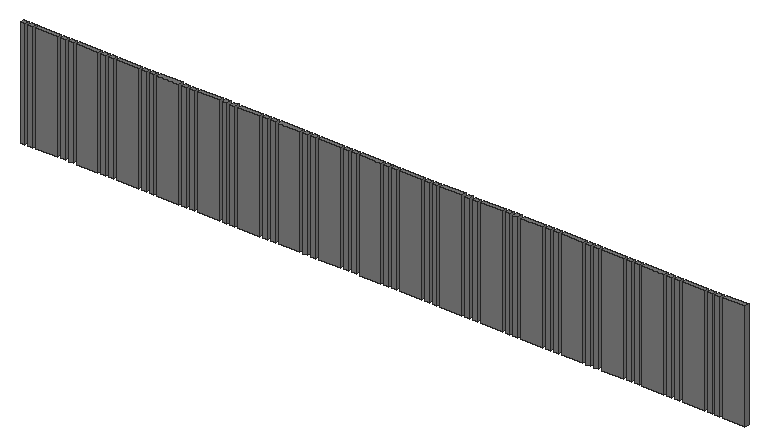
Revit family "00_BM_GMLB_2HR", category Generic Models, Revit 2017
Family settings
  Can host rebar = No
  Round Connector Dimension = Use Diameter
  Part Type = Normal
  Cut with Voids When Loaded = Yes
  Shared = No
  Room Calculation Point = No
Parameters
  offset = 250 mm
  aantal annotaties [instance] = ([built-in parameter 1001306] - (2 * offset)) / Q_length  # 18
  Q_length = 750 mm
  built-in parameter 1001306 [instance] = 14000 mm
Reference planes
  plane 1 "Center (Front/Back)": y = 0
  plane 2: z = 0
  plane 3 "Left": x = 0
  plane 4 "Right": x = 14000
  plane 5: x = 250
  plane 6: x = 13750
  plane 7: x = 1000
Lines and regions (mm)
  reference lines
    curve 1: line (0, 0, 0) -> (14000, 0, 0)
Dimensions and locks
  "built-in parameter 1001306": plane 3 "Left" to plane 4 "Right"
  "offset": plane 3 "Left" to plane 5
  "offset": plane 6 to plane 4 "Right"
  "Q_length": plane 5 to plane 7
  equal spacing: group 1, group 2, group 3, group 4, group 5, group 6, group 7, group 8, group 9, group 10, group 11, group 12, group 13, group 14, group 15, group 16, group 17, group 18  (x3)
  aligned and locked: plane 4 "Right" to curve 1
  aligned and locked: plane 1 "Center (Front/Back)" to curve 1
  aligned and locked: plane 3 "Left" to curve 1
  aligned and locked: level to plane 2
  aligned and locked: nested 1 to plane 5
Nested families
  nested 1: "annotation 2HR" at (250, 0, 0), type "annotation 2HR"
  nested 2: "annotation 2HR" at (1000, 0, 0), type "annotation 2HR"
  nested 3: "annotation 2HR" at (1750, 0, 0), type "annotation 2HR"
  nested 4: "annotation 2HR" at (2500, 0, 0), type "annotation 2HR"
  nested 5: "annotation 2HR" at (3250, 0, 0), type "annotation 2HR"
  nested 6: "annotation 2HR" at (4000, 0, 0), type "annotation 2HR"
  nested 7: "annotation 2HR" at (4750, 0, 0), type "annotation 2HR"
  nested 8: "annotation 2HR" at (5500, 0, 0), type "annotation 2HR"
  nested 9: "annotation 2HR" at (6250, 0, 0), type "annotation 2HR"
  nested 10: "annotation 2HR" at (7000, 0, 0), type "annotation 2HR"
  nested 11: "annotation 2HR" at (7750, 0, 0), type "annotation 2HR"
  nested 12: "annotation 2HR" at (8500, 0, 0), type "annotation 2HR"
  nested 13: "annotation 2HR" at (9250, 0, 0), type "annotation 2HR"
  nested 14: "annotation 2HR" at (10000, 0, 0), type "annotation 2HR"
  nested 15: "annotation 2HR" at (10750, 0, 0), type "annotation 2HR"
  nested 16: "annotation 2HR" at (11500, 0, 0), type "annotation 2HR"
  nested 17: "annotation 2HR" at (12250, 0, 0), type "annotation 2HR"
  nested 18: "annotation 2HR" at (13000, 0, 0), type "annotation 2HR"
Definition of nested family "annotation 2HR"
  Parameters (values of type "annotation 2HR")
    Default Elevation = 1219.2 mm
  Reference planes
    plane 1 "Center (Front/Back)": y = 0
    plane 2: z = 0
    plane 3 "Center (Left/Right)": x = 0
    plane 4: x = 65
    plane 5: x = 750
  Forms (mm)
    Extrusion 1, solid
      sketch origin (65, 0, 0) x (1, 0, 0) y (0, 1, 0)
        loop
          line (-45, -38.971) -> (45, -38.971) -> (45, 38.971) -> (-45, 38.971) -> (-45, -38.971)
      from 0 to 2000
    Extrusion 2, solid
      sketch origin (210, 0, 0) x (1, 0, 0) y (0, 1, 0)
        loop
          line (-45, -38.971) -> (45, -38.971) -> (45, 38.971) -> (-45, 38.971) -> (-45, -38.971)
      from 0 to 2000
    Extrusion 3, solid
      sketch origin (355, 0, 0) x (1, 0, 0) y (0, 1, 0)
        loop
          line (-45, -38.971) -> (360, -38.971) -> (360, 38.971) -> (-45, 38.971) -> (-45, -38.971)
      from 0 to 2000
  Dimensions and locks
    aligned and locked: level to plane 2
    aligned and locked: nested 1 to plane 4
  Nested families
    nested 1: "00_BM_DI_Firerating2HR" at (65, 0, 0), type "00_BM_DI_Firerating2HR"
  Definition of nested family "00_BM_DI_Firerating2HR"
    Reference planes
      plane 1 "Center (Front/Back)": y = 0
      plane 2: z = 0
      plane 3 "Center (Left/Right)": x = 0
      plane 4: x = 750
    Lines and regions (mm)
      Filled region 1, type "00_BM_FireRating_red", in view "Ref. Level"
        outline origin (0, 0, 0) x (1, 0, 0) y (0, 1, 0)
          loop
            line (45, 38.971) -> (-45, 38.971) -> (-45, -38.971) -> (45, -38.971) -> (45, 38.971)
      Filled region 2, type "00_BM_FireRating_red", in view "Ref. Level"
        outline origin (145, 0, 0) x (1, 0, 0) y (0, 1, 0)
          loop
            line (45, 38.971) -> (-45, 38.971) -> (-45, -38.971) -> (45, -38.971) -> (45, 38.971)
      Filled region 3, type "00_BM_FireRating_red", in view "Ref. Level"
        outline origin (290, 0, 0) x (1, 0, 0) y (0, 1, 0)
          loop
            line (360, 38.971) -> (-45, 38.971) -> (-45, -38.971) -> (360, -38.971) -> (360, 38.971)
    Dimensions and locks
      Filled region 3 to Filled region 3 = 405 mm
